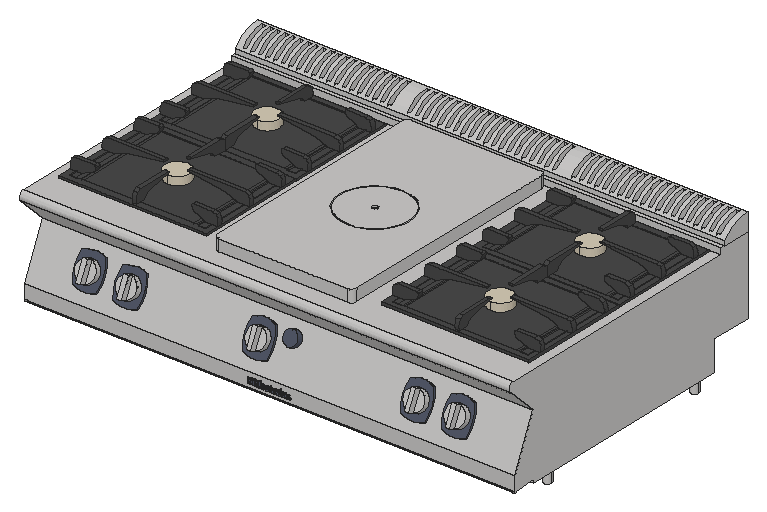
Revit family "QF_ELECTROLUXPROFESSIONAL_371012_E7STGL5000", category Specialty Equipment, Revit 2018 (continued)
Automatic sketch dimensions
  plane 1 "BACK" to curve 77 = 6.761 mm
  plane 1 "BACK" to curve 195 = 6.761 mm
  plane 1 "BACK" to curve 73 = 6.761 mm
  plane 1 "BACK" to curve 199 = 6.761 mm
  plane 1 "BACK" to curve 69 = 6.761 mm
  plane 1 "BACK" to curve 203 = 6.761 mm
  plane 1 "BACK" to curve 65 = 6.761 mm
  plane 1 "BACK" to curve 207 = 6.761 mm
  plane 1 "BACK" to curve 61 = 6.761 mm
  plane 1 "BACK" to curve 211 = 6.761 mm
  plane 1 "BACK" to curve 57 = 6.761 mm
  plane 1 "BACK" to curve 215 = 6.761 mm
  plane 1 "BACK" to curve 53 = 6.761 mm
  plane 1 "BACK" to curve 219 = 6.761 mm
  plane 1 "BACK" to curve 49 = 6.761 mm
  plane 1 "BACK" to curve 223 = 6.761 mm
  plane 1 "BACK" to curve 45 = 6.761 mm
  plane 1 "BACK" to curve 227 = 6.761 mm
  plane 1 "BACK" to curve 41 = 6.761 mm
  plane 1 "BACK" to curve 231 = 6.761 mm
  plane 1 "BACK" to curve 37 = 6.761 mm
  plane 1 "BACK" to curve 235 = 6.761 mm
  plane 1 "BACK" to curve 33 = 6.761 mm
  plane 1 "BACK" to curve 239 = 6.761 mm
  plane 1 "BACK" to curve 29 = 6.761 mm
  plane 1 "BACK" to curve 243 = 6.761 mm
  plane 1 "BACK" to curve 25 = 6.761 mm
  plane 1 "BACK" to curve 247 = 6.761 mm
  plane 1 "BACK" to curve 21 = 6.761 mm
  plane 1 "BACK" to curve 251 = 6.761 mm
  plane 1 "BACK" to curve 17 = 6.761 mm
  plane 1 "BACK" to curve 255 = 6.761 mm
  plane 1 "BACK" to curve 13 = 6.761 mm
  plane 1 "BACK" to curve 259 = 6.761 mm
  plane 1 "BACK" to curve 9 = 6.761 mm
  plane 1 "BACK" to curve 263 = 6.761 mm
  curve 89 to plane 1 "BACK" = 150 mm
  curve 87 to plane 5 "FRONT" = 14.751 mm
  curve 5 to curve 245 = 12.289 mm
  curve 5 to curve 6 = 6.35 mm
  radius of Extrusion 4 sketch curve = 6.5 mm
  radius of Extrusion 8 sketch curve = 82.55 mm
  radius of Extrusion 8 sketch curve = 7 mm
  radius of Extrusion 3 sketch curve = 9.5 mm  (x4)
  radius of Extrusion 11 sketch curve = 25.4 mm
  radius of Extrusion 12 sketch curve to Extrusion 11 = 0 mm  (x2)
  radius of Extrusion 14 sketch curve = 25.4 mm
  radius of Extrusion 15 sketch curve to Extrusion 14 = 0 mm  (x2)
  radius of Extrusion 17 sketch curve = 25.4 mm
  radius of Extrusion 18 sketch curve to Extrusion 17 = 0 mm  (x2)
  radius of Extrusion 19 sketch curve = 17.78 mm
  radius of Extrusion 21 sketch curve = 25.4 mm
  radius of Extrusion 22 sketch curve to Extrusion 21 = 0 mm  (x2)
  radius of Extrusion 24 sketch curve = 25.4 mm
  radius of Extrusion 25 sketch curve to Extrusion 24 = 0 mm  (x2)
Nested families
  nested 1: "371012_BURNER" at (22.205, -365, 49.175), type "371012_BURNER"
  nested 2: "371012_BURNER" at (22.205, -364.695, 49.175), type "371012_BURNER"
  nested 3: "371012_BURNER" at (1177.795, -365, 49.175) x (-1, 0, 0) z (0, 0, 1), type "371012_BURNER"
  nested 4: "371012_BURNER" at (1177.795, -364.695, 49.175) x (-1, 0, 0) z (0, 0, 1), type "371012_BURNER"
  nested 5: "ELX_Logo_S" at (600, -715.249, 674.761) x (1, 0, 0) z (0, -1, 0), visible <- "Show Logo", type "ELX_Logo_S"
Connectors
  piping at (1148, -76.012, 687), diameter 12.7, driven by "Gas Size"
    settings: on Extrusion 4, index 2, connector inside diameter 0.50394", connector length 0 mm, flow factor 0, pipe flow 0 GPM, pressure drop 0.00 psi, fitting loss kfactor 0, connector angle 0.00°, fixture units 0, engagement length 0 mm, angle of deflection 0.00°, flow configuration 1, flow direction 1, fitting loss method 0, system type 7, joint type 0, gender type 0, connector reference index -1, connector utility 0, adjustable connector no, is connector primary yes, connector description "Gas Connection"
Definition of nested family "371012_BURNER"
  Parameters
    Model = ""
    Manufacturer = ""
  Reference planes
    plane 1 "BACK": y = 0
    plane 2: z = 0
    plane 3 "LEFT": x = 0
    plane 4 "RIGHT": x = 365
    plane 5 "FRONT": y = -275
    plane 6 "TOP": z = 1362.406
    plane 7 "Center Y": x = 182.5
    plane 8 "Center X": y = -137.5
  Forms (mm)
    Extrusion 1, solid
      sketch origin (-5, -366.911, 5) x (1, 0, 0) y (0, 0, -1)
        loop
          arc (7.142, -850.85) -> (6.739, -862.989) -> (9.761, -874.752) r 42.809
          line (9.761, -874.752) -> (19.961, -879.425) -> (157.339, -879.425)
          arc (157.339, -879.425) -> (158.533, -878.312) -> (157.506, -877.043) r 1.197
          line (157.506, -877.043) -> (64.848, -864.021)
          arc (64.848, -864.021) -> (50.111, -858.738) -> (36.589, -850.85) r 85.245
          line (36.589, -850.85) -> (7.142, -850.85)
        loop
          line (367.858, -850.85) -> (338.411, -850.85)
          arc (338.411, -850.85) -> (324.889, -858.738) -> (310.152, -864.021) r 85.245
          line (310.152, -864.021) -> (217.494, -877.043)
          arc (217.494, -877.043) -> (216.467, -878.312) -> (217.661, -879.425) r 1.197
          line (217.661, -879.425) -> (355.039, -879.425) -> (365.239, -874.752)
          arc (365.239, -874.752) -> (368.261, -862.989) -> (367.858, -850.85) r 42.809
      from 224.564 to 234.564
    Extrusion 2, solid
      sketch origin (-5, -366.911, 5) x (1, 0, 0) y (0, 0, -1)
        loop
          arc (7.056, -850.85) -> (6.705, -862.948) -> (9.748, -874.663) r 42.876
          line (9.748, -874.663) -> (19.961, -879.425) -> (65.851, -879.425)
          arc (65.851, -879.425) -> (68.577, -878.352) -> (69.841, -875.709) r 4
          arc (69.841, -875.709) -> (68.75, -869.25) -> (64.816, -864.012) r 13.87
          arc (64.816, -864.012) -> (50.096, -858.731) -> (36.589, -850.85) r 85.245
          line (36.589, -850.85) -> (7.056, -850.85)
        loop
          line (367.944, -850.85) -> (338.411, -850.85)
          arc (338.411, -850.85) -> (324.904, -858.731) -> (310.184, -864.012) r 85.245
          arc (310.184, -864.012) -> (306.25, -869.25) -> (305.159, -875.709) r 13.87
          arc (305.159, -875.709) -> (306.423, -878.352) -> (309.149, -879.425) r 4
          line (309.149, -879.425) -> (355.039, -879.425) -> (365.252, -874.663)
          arc (365.252, -874.663) -> (368.295, -862.948) -> (367.944, -850.85) r 42.876
      from 127.064 to 137.064
    Extrusion 3, solid
      sketch origin (-5, 92.216, 5) x (1, 0, 0) y (0, 0, 1)
        loop
          arc (64.816, 864.012) -> (68.75, 869.25) -> (69.841, 875.709) r 13.87
          arc (69.841, 875.709) -> (68.577, 878.352) -> (65.851, 879.425) r 4
          line (65.851, 879.425) -> (19.961, 879.425) -> (9.748, 874.663)
          arc (9.748, 874.663) -> (6.705, 862.948) -> (7.056, 850.85) r 42.876
          line (7.056, 850.85) -> (36.589, 850.85)
          arc (36.589, 850.85) -> (50.096, 858.731) -> (64.816, 864.012) r 85.245
        loop
          arc (310.184, 864.012) -> (324.904, 858.731) -> (338.411, 850.85) r 85.245
          line (338.411, 850.85) -> (367.944, 850.85)
          arc (367.944, 850.85) -> (368.295, 862.948) -> (365.252, 874.663) r 42.876
          line (365.252, 874.663) -> (355.039, 879.425) -> (309.149, 879.425)
          arc (309.149, 879.425) -> (306.423, 878.352) -> (305.159, 875.709) r 4
          arc (305.159, 875.709) -> (306.25, 869.25) -> (310.184, 864.012) r 13.87
      from 127.064 to 137.064
    Extrusion 4, solid
      sketch origin (449.964, 337.736, 5) x (0, -1, 0) y (0, 0, 1)
        loop
          arc (366.649, 850.85) -> (375.927, 861.743) -> (389.337, 866.736) r 28.426
          line (389.337, 866.736) -> (441.256, 877.043)
          arc (441.256, 877.043) -> (442.283, 878.312) -> (441.089, 879.425) r 1.197
          line (441.089, 879.425) -> (347.797, 879.425)
          arc (347.797, 879.425) -> (343.211, 875.934) -> (337.583, 874.694) r 13.39
          line (337.583, 874.694) -> (337.583, 850.85) -> (366.649, 850.85)
        loop
          arc (606.236, 850.85) -> (606.587, 862.948) -> (603.543, 874.663) r 42.876
          line (603.543, 874.663) -> (593.33, 879.425) -> (509.077, 879.425)
          arc (509.077, 879.425) -> (507.883, 878.312) -> (508.911, 877.043) r 1.197
          line (508.911, 877.043) -> (560.83, 866.736)
          arc (560.83, 866.736) -> (574.239, 861.743) -> (583.518, 850.85) r 28.426
          line (583.518, 850.85) -> (606.236, 850.85)
      from 262.464 to 272.464
    Extrusion 5, solid
      sketch origin (-5, 367.216, 850.85) x (0, -1, 0) y (1, 0, 0)
        loop
          line (642.216, 6.433) -> (642.216, 368.567) -> (367.857, 368.567) -> (367.857, 6.433) -> (642.216, 6.433)
        loop
          line (382.857, 21.433) -> (627.216, 21.433) -> (627.216, 353.567) -> (382.857, 353.567) -> (382.857, 21.433)
      from 0 to 5
    Extrusion 6, solid
      sketch origin (-17.5, 367.216, 855.85) x (0, -1, 0) y (1, 0, 0)
        loop
          circle (504.356, 200) r 30
      from -1.321 to 17.134
    Extrusion 7, solid
      sketch origin (-5, -366.911, 0) x (1, 0, 0) y (0, 0, -1)
        loop
          line (21.433, -855.85) -> (36.589, -855.85)
          arc (36.589, -855.85) -> (40.561, -855.243) -> (44.305, -853.783) r 18.259
          arc (44.305, -853.783) -> (45.997, -853.366) -> (47.69, -853.783) r 3.649
          arc (47.69, -853.783) -> (49.901, -854.522) -> (52.232, -854.529) r 7.328
          line (52.232, -854.529) -> (322.768, -854.529)
          arc (322.768, -854.529) -> (325.099, -854.522) -> (327.31, -853.783) r 7.328
          arc (327.31, -853.783) -> (329.003, -853.366) -> (330.695, -853.783) r 3.649
          arc (330.695, -853.783) -> (334.439, -855.243) -> (338.411, -855.85) r 18.259
          line (338.411, -855.85) -> (353.567, -855.85) -> (353.567, -850.85) -> (21.433, -850.85) -> (21.433, -855.85)
      from 106.911 to 351.27
  Lines and regions (mm)
    symbolic lines
      curve 1: line (1.433, -275, 150) -> (363.567, -275, 150)
      curve 2: line (1.433, -0.641, 150) -> (1.433, -275, 150)
      curve 3: line (363.567, -0.641, 150) -> (187.5, -0.641, 150)
      curve 4: line (363.567, -275, 150) -> (363.567, -0.641, 150)
      curve 5: line (348.567, -15.641, 150) -> (187.5, -15.641, 150)
      curve 6: line (348.567, -260, 150) -> (348.567, -239.848, 150)
      curve 7: line (16.433, -260, 150) -> (177.5, -260, 150)
      curve 8: line (16.433, -15.641, 150) -> (16.433, -34.848, 150)
      curve 9: line (47.232, -260, 150) -> (47.232, -239.848, 150)
      curve 10: line (317.567, -15.641, 150) -> (317.567, -34.848, 150)
      curve 11: line (143.125, -132.348, 150) -> (143.125, -15.641, 150)
      curve 12: line (149.375, -15.641, 150) -> (149.375, -132.348, 150)
      curve 13: arc (143.297, -142.348, 150) -> (154.191, -166.038, 150) -> (177.5, -177.726, 150) r 39.375
      curve 14: arc (215.42, -142.348, 150) -> (206.39, -161.616, 150) -> (187.5, -171.415, 150) r 33.125
      curve 15: line (215.625, -15.641, 150) -> (215.625, -132.348, 150)
      curve 16: line (221.875, -132.348, 150) -> (221.875, -15.641, 150)
      curve 17: line (187.5, -269.123, 150) -> (187.5, -168.403, 150)
      curve 18: arc (177.657, -107.534, 150) -> (161.195, -116.02, 150) -> (152.853, -132.555, 150) r 30
      curve 19: arc (187.224, -166.766, 150) -> (203.621, -158.445, 150) -> (212.084, -142.121, 150) r 30
      curve 20: line (363.567, -229.848, 150) -> (300.159, -229.848, 150)
      curve 21: line (1.433, -239.848, 150) -> (64.841, -239.848, 150)
      curve 22: line (1.433, -142.348, 150) -> (151.429, -142.348, 150)
      curve 23: line (363.567, -132.348, 150) -> (213.571, -132.348, 150)
      curve 24: line (1.433, -44.848, 150) -> (64.841, -44.848, 150)
      curve 25: line (363.567, -34.848, 150) -> (300.159, -34.848, 150)
      curve 26: line (64.841, -229.848, 150) -> (1.433, -229.848, 150)
      curve 27: line (300.159, -239.848, 150) -> (363.567, -239.848, 150)
      curve 28: line (64.841, -34.848, 150) -> (1.433, -34.848, 150)
      curve 29: line (300.159, -44.848, 150) -> (363.567, -44.848, 150)
      curve 30: arc (64.841, -229.848, 150) -> (69.841, -234.848, 150) -> (64.841, -239.848, 150) r 5
      curve 31: arc (300.159, -239.848, 150) -> (295.159, -234.848, 150) -> (300.159, -229.848, 150) r 5
      curve 32: arc (64.841, -34.848, 150) -> (69.841, -39.848, 150) -> (64.841, -44.848, 150) r 5
      curve 33: arc (300.159, -44.848, 150) -> (295.159, -39.848, 150) -> (300.159, -34.848, 150) r 5
      curve 34: line (16.433, -44.848, 150) -> (16.433, -132.348, 150)
      curve 35: line (47.232, -34.848, 150) -> (47.232, -15.641, 150)
      curve 36: line (16.433, -142.348, 150) -> (16.433, -229.848, 150)
      curve 37: line (47.232, -132.348, 150) -> (47.232, -44.848, 150)
      curve 38: line (47.232, -229.848, 150) -> (47.232, -142.348, 150)
      curve 39: line (16.433, -239.848, 150) -> (16.433, -260, 150)
      curve 40: line (317.567, -239.848, 150) -> (317.567, -260, 150)
      curve 41: line (348.567, -229.848, 150) -> (348.567, -142.348, 150)
      curve 42: line (317.567, -142.348, 150) -> (317.567, -229.848, 150)
      curve 43: line (348.567, -132.348, 150) -> (348.567, -44.848, 150)
      curve 44: line (348.567, -34.848, 150) -> (348.567, -15.641, 150)
      curve 45: line (317.567, -44.848, 150) -> (317.567, -132.348, 150)
      curve 46: line (151.429, -132.348, 150) -> (1.433, -132.348, 150)
      curve 47: line (213.571, -142.348, 150) -> (363.567, -142.348, 150)
      curve 48: arc (213.571, -132.348, 150) -> (208.571, -137.348, 150) -> (213.571, -142.348, 150) r 5
      curve 49: arc (151.429, -132.348, 150) -> (156.429, -137.348, 150) -> (151.429, -142.348, 150) r 5
      curve 50: arc (152.916, -142.121, 150) -> (161.379, -158.445, 150) -> (177.776, -166.766, 150) r 30
      curve 51: arc (212.147, -132.555, 150) -> (203.805, -116.02, 150) -> (187.343, -107.534, 150) r 30
      curve 52: line (177.5, -168.403, 150) -> (177.5, -269.123, 150)
      curve 53: line (187.5, -106.292, 150) -> (187.5, 0.152, 150)
      curve 54: arc (187.5, -168.403, 150) -> (182.5, -163.403, 150) -> (177.5, -168.403, 150) r 5
      curve 55: arc (187.5, -106.292, 150) -> (182.5, -111.292, 150) -> (177.5, -106.292, 150) r 5
      curve 56: line (177.5, -0.641, 150) -> (1.433, -0.641, 150)
      curve 57: line (177.5, -15.641, 150) -> (16.433, -15.641, 150)
      curve 58: arc (187.5, -37.355, 150) -> (191.398, -49.855, 150) -> (187.5, -62.355, 150) r 21.993
      curve 59: arc (191.181, -52.932, 150) -> (194.482, -49.855, 150) -> (191.181, -46.779, 150) r 3.084
      curve 60: arc (177.5, -37.355, 150) -> (173.602, -49.855, 150) -> (177.5, -62.355, 150) r 21.993
      curve 61: arc (173.819, -52.932, 150) -> (170.518, -49.855, 150) -> (173.819, -46.779, 150) r 3.084
      curve 62: line (177.5, 0.152, 150) -> (177.5, -106.292, 150)
      curve 63: arc (177.5, -171.415, 150) -> (158.61, -161.616, 150) -> (149.58, -142.348, 150) r 33.125
      curve 64: arc (187.5, -177.726, 150) -> (210.809, -166.038, 150) -> (221.703, -142.348, 150) r 39.375
      curve 65: line (177.5, -269.123, 150) -> (187.5, -269.123, 150)
      curve 66: line (177.5, -10.061, 150) -> (187.5, -10.061, 150)
      curve 67: line (177.5, 0.152, 150) -> (187.5, 0.152, 150)
      curve 68: line (187.5, -260, 150) -> (348.567, -260, 150)
  Dimensions and locks
    equal spacing: plane 3 "LEFT", plane 7 "Center Y", plane 4 "RIGHT"
    plane 3 "LEFT" to plane 4 "RIGHT" = 365 mm
    equal spacing: plane 5 "FRONT", plane 8 "Center X", plane 1 "BACK"
    plane 5 "FRONT" to plane 1 "BACK" = 275 mm
    aligned and locked: level to plane 2
  Automatic sketch dimensions
    plane 3 "LEFT" to Extrusion 1 sketch curve = 2.142 mm
    plane 3 "LEFT" to Extrusion 1 sketch curve = 4.761 mm
    Extrusion 1 sketch curve to Extrusion 1 sketch curve = 10.201 mm
    Extrusion 1 sketch curve to Extrusion 1 sketch curve = 29.447 mm
    Extrusion 1 sketch curve to Extrusion 1 sketch curve = 12.704 mm  (x2)
    Extrusion 1 sketch curve to Extrusion 1 sketch curve = 15.555 mm  (x2)
    plane 3 "LEFT" to Extrusion 1 sketch curve = 81.122 mm
    Extrusion 1 sketch curve to plane 7 "Center Y" = 30.161 mm
    Extrusion 1 sketch curve to Extrusion 1 sketch curve = 0.167 mm  (x2)
    plane 7 "Center Y" to Extrusion 1 sketch curve = 29.994 mm
    Extrusion 1 sketch curve to plane 4 "RIGHT" = 81.122 mm
    Extrusion 1 sketch curve to plane 4 "RIGHT" = 59.848 mm
    Extrusion 1 sketch curve to plane 4 "RIGHT" = 14.961 mm
    Extrusion 1 sketch curve to plane 4 "RIGHT" = 4.761 mm
    Extrusion 1 sketch curve to plane 4 "RIGHT" = 2.142 mm
    Extrusion 1 sketch curve to plane 6 "TOP" = 477.981 mm
    Extrusion 1 sketch curve to Extrusion 1 sketch curve = 0 mm
    Extrusion 1 sketch curve to Extrusion 1 sketch curve = 1.197 mm  (x2)
    Extrusion 1 sketch curve to Extrusion 1 sketch curve = 4.673 mm  (x2)
    Extrusion 1 sketch curve to Extrusion 1 sketch curve = 15.404 mm  (x2)
    Extrusion 1 sketch curve to Extrusion 1 sketch curve = 5.694 mm  (x2)
    plane 3 "LEFT" to Extrusion 2 sketch curve = 2.056 mm
    plane 3 "LEFT" to Extrusion 2 sketch curve = 4.748 mm
    Extrusion 2 sketch curve to Extrusion 2 sketch curve = 10.213 mm
    Extrusion 2 sketch curve to Extrusion 2 sketch curve = 29.533 mm
    Extrusion 2 sketch curve to Extrusion 2 sketch curve = 12.72 mm  (x2)
    Extrusion 2 sketch curve to Extrusion 2 sketch curve = 6.697 mm
    Extrusion 2 sketch curve to Extrusion 2 sketch curve = 8.81 mm
    Extrusion 2 sketch curve to Extrusion 2 sketch curve = 9.845 mm  (x2)
    Extrusion 2 sketch curve to Extrusion 2 sketch curve = 3.99 mm  (x2)
    Extrusion 2 sketch curve to Extrusion 2 sketch curve = 0 mm  (x3)
    plane 3 "LEFT" to Extrusion 2 sketch curve = 81.122 mm
    Extrusion 2 sketch curve to plane 4 "RIGHT" = 81.122 mm
    Extrusion 2 sketch curve to plane 4 "RIGHT" = 64.841 mm
    Extrusion 2 sketch curve to Extrusion 2 sketch curve = 1.035 mm
    Extrusion 2 sketch curve to Extrusion 2 sketch curve = 15.507 mm
    Extrusion 2 sketch curve to plane 4 "RIGHT" = 14.961 mm
    Extrusion 2 sketch curve to plane 4 "RIGHT" = 4.748 mm
    Extrusion 2 sketch curve to plane 4 "RIGHT" = 2.056 mm
    Extrusion 2 sketch curve to plane 6 "TOP" = 477.981 mm
    Extrusion 2 sketch curve to Extrusion 2 sketch curve = 3.716 mm  (x2)
    Extrusion 2 sketch curve to Extrusion 2 sketch curve = 4.763 mm  (x2)
    Extrusion 2 sketch curve to Extrusion 2 sketch curve = 5.881 mm  (x2)
    plane 3 "LEFT" to Extrusion 3 sketch curve = 2.056 mm
    plane 3 "LEFT" to Extrusion 3 sketch curve = 4.748 mm
    Extrusion 3 sketch curve to Extrusion 3 sketch curve = 10.213 mm
    Extrusion 3 sketch curve to Extrusion 3 sketch curve = 29.533 mm
    Extrusion 3 sketch curve to Extrusion 3 sketch curve = 12.72 mm  (x2)
    Extrusion 3 sketch curve to Extrusion 3 sketch curve = 6.697 mm
    Extrusion 3 sketch curve to Extrusion 3 sketch curve = 8.81 mm
    Extrusion 3 sketch curve to Extrusion 3 sketch curve = 9.845 mm  (x2)
    Extrusion 3 sketch curve to Extrusion 3 sketch curve = 3.99 mm  (x2)
    Extrusion 3 sketch curve to Extrusion 3 sketch curve = 0 mm  (x3)
    plane 3 "LEFT" to Extrusion 3 sketch curve = 81.122 mm
    Extrusion 3 sketch curve to plane 4 "RIGHT" = 81.122 mm
    Extrusion 3 sketch curve to plane 4 "RIGHT" = 64.841 mm
    Extrusion 3 sketch curve to Extrusion 3 sketch curve = 1.035 mm
    Extrusion 3 sketch curve to Extrusion 3 sketch curve = 15.507 mm
    Extrusion 3 sketch curve to plane 4 "RIGHT" = 14.961 mm
    Extrusion 3 sketch curve to plane 4 "RIGHT" = 4.748 mm
    Extrusion 3 sketch curve to plane 4 "RIGHT" = 2.056 mm
    Extrusion 3 sketch curve to plane 6 "TOP" = 575.932 mm
    Extrusion 3 sketch curve to Extrusion 3 sketch curve = 69.377 mm  (x2)
    Extrusion 3 sketch curve to Extrusion 3 sketch curve = 7.281 mm  (x2)
    Extrusion 3 sketch curve to Extrusion 3 sketch curve = 10.713 mm  (x2)
    Extrusion 4 sketch curve to plane 1 "BACK" = 0.152 mm
    plane 1 "BACK" to Extrusion 4 sketch curve = 10.061 mm
    plane 1 "BACK" to Extrusion 4 sketch curve = 28.913 mm
    Extrusion 4 sketch curve to Extrusion 4 sketch curve = 22.688 mm
    Extrusion 4 sketch curve to Extrusion 4 sketch curve = 25.583 mm
    plane 8 "Center X" to Extrusion 4 sketch curve = 34.146 mm
    Extrusion 4 sketch curve to Extrusion 4 sketch curve = 0.167 mm  (x2)
    Extrusion 4 sketch curve to plane 8 "Center X" = 33.675 mm
    Extrusion 4 sketch curve to plane 5 "FRONT" = 54.801 mm
    Extrusion 4 sketch curve to Extrusion 4 sketch curve = 2.895 mm
    Extrusion 4 sketch curve to Extrusion 4 sketch curve = 3.153 mm
    Extrusion 4 sketch curve to Extrusion 4 sketch curve = 19.535 mm
    Extrusion 4 sketch curve to plane 5 "FRONT" = 19.405 mm
    Extrusion 4 sketch curve to plane 5 "FRONT" = 9.192 mm
    Extrusion 4 sketch curve to plane 5 "FRONT" = 6.5 mm
    Extrusion 4 sketch curve to plane 6 "TOP" = 518.947 mm
    Extrusion 4 sketch curve to Extrusion 4 sketch curve = 0 mm
    Extrusion 4 sketch curve to Extrusion 4 sketch curve = 12.392 mm  (x2)
    Extrusion 4 sketch curve to Extrusion 4 sketch curve = 8.605 mm
    Extrusion 4 sketch curve to Extrusion 4 sketch curve = 23.844 mm
    Extrusion 4 sketch curve to Extrusion 4 sketch curve = 10.307 mm  (x2)
    Extrusion 4 sketch curve to Extrusion 4 sketch curve = 1.185 mm  (x2)
    plane 5 "FRONT" to Extrusion 5 sketch curve = 0 mm
    Extrusion 5 sketch curve to plane 5 "FRONT" = 15 mm
    plane 1 "BACK" to Extrusion 5 sketch curve = 15.641 mm
    plane 1 "BACK" to Extrusion 5 sketch curve = 0.641 mm
    plane 3 "LEFT" to Extrusion 5 sketch curve = 1.433 mm
    plane 3 "LEFT" to Extrusion 5 sketch curve = 16.433 mm
    Extrusion 5 sketch curve to plane 4 "RIGHT" = 16.433 mm
    Extrusion 5 sketch curve to plane 4 "RIGHT" = 1.433 mm
    Extrusion 5 to Extrusion 6 sketch curve = 121.499 mm
    Extrusion 5 to Extrusion 6 sketch curve = 166.067 mm
    plane 3 "LEFT" to Extrusion 7 sketch curve = 16.433 mm
    Extrusion 7 sketch curve to Extrusion 7 sketch curve = 14.402 mm
    Extrusion 7 sketch curve to Extrusion 7 sketch curve = 15.156 mm  (x2)
    Extrusion 7 sketch curve to Extrusion 7 sketch curve = 7.716 mm  (x2)
    Extrusion 7 sketch curve to Extrusion 7 sketch curve = 0 mm  (x5)
    Extrusion 7 sketch curve to Extrusion 7 sketch curve = 1.692 mm  (x2)
    Extrusion 7 sketch curve to Extrusion 7 sketch curve = 3.385 mm  (x2)
    Extrusion 7 sketch curve to Extrusion 7 sketch curve = 3.399 mm
    Extrusion 7 sketch curve to Extrusion 7 sketch curve = 4.542 mm  (x2)
    Extrusion 7 sketch curve to plane 4 "RIGHT" = 47.232 mm
    Extrusion 7 sketch curve to Extrusion 7 sketch curve = 1.143 mm
    Extrusion 7 sketch curve to Extrusion 7 sketch curve = 15.253 mm
    Extrusion 7 sketch curve to plane 6 "TOP" = 505.39 mm
    Extrusion 7 sketch curve to Extrusion 7 sketch curve = 1.165 mm
    Extrusion 7 sketch curve to Extrusion 7 sketch curve = 5 mm
    curve 13 to curve 14 = 0 mm  (x2)
    curve 13 to curve 63 = 0 mm  (x2)
    curve 13 to curve 64 = 0 mm  (x2)
    curve 18 to curve 19 = 0 mm  (x2)
    curve 18 to curve 50 = 0 mm  (x2)
    curve 18 to curve 51 = 0 mm  (x2)
    plane 5 "FRONT" to curve 1 = 0 mm
    curve 51 to plane 7 "Center Y" = 0 mm
    curve 63 to plane 7 "Center Y" = 0 mm
    curve 54 to plane 7 "Center Y" = 0 mm
    curve 55 to plane 7 "Center Y" = 0 mm
    plane 7 "Center Y" to curve 19 = 4.724 mm
    plane 7 "Center Y" to curve 51 = 4.843 mm
    curve 53 to plane 1 "BACK" = 0.152 mm
    plane 7 "Center Y" to curve 53 = 5 mm
    plane 7 "Center Y" to curve 64 = 5 mm
    curve 3 to curve 53 = 0 mm
    plane 7 "Center Y" to curve 59 = 8.681 mm
    curve 59 to curve 59 = 0 mm
    curve 59 to curve 59 = 0.216 mm
    curve 60 to curve 59 = 4.198 mm
    curve 19 to plane 8 "Center X" = 4.621 mm
    plane 7 "Center Y" to curve 19 = 29.584 mm
    curve 51 to curve 19 = 0.064 mm
    curve 23 to curve 51 = 1.424 mm
    curve 14 to curve 47 = 1.849 mm
    curve 15 to curve 48 = 2.054 mm
    curve 64 to curve 14 = 6.283 mm
    curve 16 to curve 15 = 6.25 mm
    curve 31 to plane 5 "FRONT" = 35.152 mm
    curve 31 to plane 4 "RIGHT" = 64.841 mm
    plane 1 "BACK" to curve 33 = 34.848 mm
    curve 33 to plane 4 "RIGHT" = 64.841 mm
    curve 10 to curve 33 = 17.408 mm
    curve 42 to plane 4 "RIGHT" = 47.433 mm
    curve 45 to curve 10 = 0 mm
    curve 40 to curve 42 = 0 mm
    curve 68 to plane 4 "RIGHT" = 16.433 mm
    curve 41 to curve 6 = 0 mm
    curve 5 to plane 4 "RIGHT" = 16.433 mm
    curve 43 to curve 41 = 0 mm
    curve 27 to plane 4 "RIGHT" = 1.433 mm
    curve 50 to curve 52 = 0.276 mm
    curve 18 to curve 55 = 0.157 mm
    curve 61 to plane 7 "Center Y" = 8.681 mm
    curve 61 to curve 61 = 0 mm
    curve 61 to curve 61 = 0.216 mm
    curve 61 to curve 58 = 4.198 mm
    curve 50 to plane 8 "Center X" = 4.621 mm
    plane 8 "Center X" to curve 18 = 4.945 mm
    curve 50 to curve 18 = 0.064 mm
    curve 18 to curve 49 = 1.424 mm
    curve 22 to curve 63 = 1.849 mm
    curve 57 to curve 12 = 28.125 mm
    curve 63 to curve 13 = 6.283 mm
    curve 12 to curve 11 = 6.25 mm
    plane 3 "LEFT" to curve 24 = 64.841 mm
    curve 21 to plane 5 "FRONT" = 35.152 mm
    plane 3 "LEFT" to curve 21 = 64.841 mm
    curve 28 to curve 35 = 17.609 mm
    plane 3 "LEFT" to curve 37 = 47.232 mm
    curve 38 to curve 37 = 0 mm
    curve 9 to curve 38 = 0 mm
    plane 3 "LEFT" to curve 34 = 16.433 mm
    plane 3 "LEFT" to curve 57 = 16.433 mm
    curve 36 to curve 34 = 0 mm
    curve 39 to curve 36 = 0 mm
    plane 1 "BACK" to curve 56 = 0.641 mm
    plane 3 "LEFT" to curve 56 = 1.433 mm
    plane 1 "BACK" to curve 4 = 0.641 mm
    curve 56 to curve 66 = 9.419 mm
    curve 66 to curve 5 = 5.581 mm
    plane 1 "BACK" to curve 8 = 15.641 mm
    curve 8 to curve 28 = 19.206 mm
    curve 57 to curve 60 = 21.714 mm
    curve 60 to curve 58 = 0 mm
    curve 33 to curve 33 = 5 mm
    curve 28 to curve 32 = 5 mm
    curve 60 to curve 61 = 9.423 mm
    curve 59 to curve 60 = 3.077 mm
    plane 8 "Center X" to curve 55 = 31.208 mm
    curve 13 to plane 8 "Center X" = 1.17 mm
    curve 38 to curve 9 = 10 mm
    curve 31 to curve 31 = 10 mm
    curve 7 to plane 5 "FRONT" = 15 mm
    curve 68 to plane 5 "FRONT" = 15 mm
    curve 65 to plane 5 "FRONT" = 5.877 mm
    radius of Extrusion 6 sketch curve = 30 mm
Definition of nested family "ELX_Logo_S"
  Parameters
    Default Elevation = 0 mm
  Reference planes
    plane 1 "Centro (Fronte/Retro)": y = 0
    plane 2: z = 0
    plane 3 "Centro (Sinistra/Destra)": x = 0
  Forms (mm)
    Extrusion 1, solid
      sketch origin (0, 0, 0) x (1, 0, 0) y (0, 1, 0)
        loop
          line (-1219.2, 1219.2) -> (-1219.2, -1219.2) -> (1219.2, -1219.2) -> (1219.2, 1219.2) -> (-1219.2, 1219.2)
      from 0 to -304.8
    Extrusion 2, solid
      sketch origin (0, 0, 0) x (1, 0, 0) y (0, 1, 0)
        loop
          line (-43.793, 5.912) -> (-43.793, -6.455)
          arc (-43.793, -6.455) -> (-39.222, -0.272) -> (-43.793, 5.912) r 6.467
        loop
          arc (-44.422, 5.912) -> (-49.565, 4.743) -> (-52.043, 0.087) r 6.338
          line (-52.043, 0.087) -> (-49.997, 0.087)
          arc (-49.997, 0.087) -> (-46.342, 1.57) -> (-44.422, 5.016) r 5.941
          line (-44.422, 5.016) -> (-44.422, 5.912)
        loop
          arc (-44.422, -5.559) -> (-46.342, -2.114) -> (-49.997, -0.63) r 5.941
          line (-49.997, -0.63) -> (-52.043, -0.63)
          arc (-52.043, -0.63) -> (-49.569, -5.324) -> (-44.422, -6.614) r 6.504
          line (-44.422, -6.614) -> (-44.422, -5.559)
        loop
          line (-52.512, 6.586) -> (-52.512, -7.158) -> (-38.749, -7.158) -> (-38.749, 6.586) -> (-52.512, 6.586)
        loop
          arc (-35.782, 6.67) -> (-36.139, 6.322) -> (-35.801, 5.955) r 0.358
          arc (-35.801, 5.955) -> (-35.051, 5.641) -> (-34.666, 4.924) r 1.216
          line (-34.666, 4.924) -> (-34.666, -5.488)
          arc (-34.666, -5.488) -> (-34.944, -6.148) -> (-35.54, -6.544) r 1.238
          arc (-35.54, -6.544) -> (-35.791, -6.939) -> (-35.437, -7.244) r 0.358
          line (-35.437, -7.244) -> (-25.558, -7.244) -> (-25.558, -4.494) -> (-26.455, -4.494)
          arc (-26.455, -4.494) -> (-27.035, -5.403) -> (-28.012, -5.858) r 1.928
          line (-28.012, -5.858) -> (-30.511, -5.858)
          arc (-30.511, -5.858) -> (-31.24, -5.583) -> (-31.604, -4.894) r 1.101
          line (-31.604, -4.894) -> (-31.604, -0.808) -> (-27.931, -0.808)
          arc (-27.931, -0.808) -> (-27.434, -1.16) -> (-27.206, -1.725) r 1.083
          arc (-27.206, -1.725) -> (-26.9, -1.989) -> (-26.622, -1.697) r 0.292
          line (-26.622, -1.697) -> (-26.622, 1.265)
          arc (-26.622, 1.265) -> (-26.895, 1.568) -> (-27.225, 1.329) r 0.305
          arc (-27.225, 1.329) -> (-27.473, 0.839) -> (-27.931, 0.534) r 1.083
          line (-27.931, 0.534) -> (-31.604, 0.534) -> (-31.604, 5.211) -> (-27.857, 5.211)
          arc (-27.857, 5.211) -> (-27.101, 4.997) -> (-26.603, 4.39) r 1.314
          arc (-26.603, 4.39) -> (-26.199, 4.171) -> (-25.907, 4.526) r 0.361
          line (-25.907, 4.526) -> (-25.907, 6.67) -> (-35.782, 6.67)
        loop
          arc (-25.126, 5.953) -> (-24.207, 5.572) -> (-23.827, 4.654) r 1.299
          line (-23.827, 4.654) -> (-23.827, -4.925)
          arc (-23.827, -4.925) -> (-24.205, -5.763) -> (-25.083, -6.035) r 1.118
          line (-25.083, -6.035) -> (-25.083, -7.244) -> (-19.733, -7.244) -> (-19.733, -6.056)
          arc (-19.733, -6.056) -> (-20.65, -5.784) -> (-21.046, -4.914) r 1.153
          line (-21.046, -4.914) -> (-21.046, 7.158) -> (-25.126, 5.953)
        loop
          line (-17.097, -2.28) -> (-10.65, -2.28) -> (-10.65, -1.481)
          arc (-10.65, -1.481) -> (-11.634, 1.1) -> (-14.088, 2.369) r 3.874
          line (-14.088, 2.369) -> (-15.848, 2.369)
          arc (-15.848, 2.369) -> (-18.713, 1.182) -> (-19.899, -1.682) r 4.051
          line (-19.899, -1.682) -> (-19.899, -3.691)
          arc (-19.899, -3.691) -> (-18.414, -6.509) -> (-15.407, -7.561) r 4.352
          arc (-15.407, -7.561) -> (-12.944, -7.196) -> (-10.87, -5.819) r 5.713
          line (-10.87, -5.819) -> (-10.87, -4.87)
          arc (-10.87, -4.87) -> (-12.439, -5.603) -> (-14.157, -5.819) r 5.579
          arc (-14.157, -5.819) -> (-16.12, -5.025) -> (-17.097, -3.146) r 3.057
          line (-17.097, -3.146) -> (-17.097, -2.28)
        loop
          line (-17.097, -1.02) -> (-13.515, -1.02)
          arc (-13.515, -1.02) -> (-13.468, 0.436) -> (-14.627, 1.319) r 1.59
          line (-14.627, 1.319) -> (-15.457, 1.319)
          arc (-15.457, 1.319) -> (-16.712, 0.455) -> (-17.097, -1.02) r 2.184
        loop
          arc (-1.232, 1.771) -> (-2.906, 2.259) -> (-4.643, 2.417) r 9.023
          line (-4.643, 2.417) -> (-6.005, 2.417)
          arc (-6.005, 2.417) -> (-8.805, 1.257) -> (-9.965, -1.542) r 3.959
          line (-9.965, -1.542) -> (-9.965, -4.142)
          arc (-9.965, -4.142) -> (-8.672, -6.424) -> (-6.299, -7.541) r 4.331
          line (-6.299, -7.541) -> (-4.164, -7.541)
          arc (-4.164, -7.541) -> (-2.614, -7.033) -> (-1.268, -6.112) r 5.772
          arc (-1.268, -6.112) -> (-1.217, -5.35) -> (-1.976, -5.263) r 0.553
          arc (-1.976, -5.263) -> (-2.71, -5.651) -> (-3.529, -5.785) r 2.573
          line (-3.529, -5.785) -> (-5.044, -5.785)
          arc (-5.044, -5.785) -> (-6.686, -4.779) -> (-7.328, -2.965) r 2.884
          line (-7.328, -2.965) -> (-7.328, -1.686)
          arc (-7.328, -1.686) -> (-6.768, 0.135) -> (-5.103, 1.062) r 2.554
          line (-5.103, 1.062) -> (-4.05, 1.062)
          arc (-4.05, 1.062) -> (-3.122, 0.73) -> (-2.387, 0.073) r 2.564
          arc (-2.387, 0.073) -> (-1.67, -0.148) -> (-1.232, 0.461) r 0.643
          line (-1.232, 0.461) -> (-1.232, 1.771)
        loop
          line (-0.962, 0.752) -> (0.539, 0.752) -> (0.539, -5.296)
          arc (0.539, -5.296) -> (1.197, -6.884) -> (2.785, -7.541) r 2.246
          line (2.785, -7.541) -> (4.369, -7.541)
          arc (4.369, -7.541) -> (5.233, -7.228) -> (6.005, -6.727) r 4.06
          arc (6.005, -6.727) -> (6.138, -5.995) -> (5.437, -5.743) r 0.576
          arc (5.437, -5.743) -> (4.911, -5.849) -> (4.379, -5.785) r 1.69
          arc (4.379, -5.785) -> (3.591, -5.244) -> (3.288, -4.337) r 1.506
          line (3.288, -4.337) -> (3.288, 0.801) -> (5.685, 0.801) -> (6.241, 1.357) -> (6.241, 2.179) -> (3.382, 2.179) -> (3.382, 5.41) -> (-0.962, 0.752)
        loop
          line (7.139, -7.324) -> (12.526, -7.324) -> (12.526, -6.214)
          arc (12.526, -6.214) -> (11.575, -5.82) -> (11.181, -4.869) r 1.345
          line (11.181, -4.869) -> (11.181, -1.253)
          arc (11.181, -1.253) -> (11.773, -0.488) -> (12.695, -0.199) r 1.615
          line (12.695, -0.199) -> (14.251, -0.199) -> (14.936, 2.357) -> (13.553, 2.357) -> (10.994, 0.414) -> (10.994, 2.295) -> (8.288, 2.01)
          arc (8.288, 2.01) -> (7.758, 1.571) -> (7.959, 0.912) r 0.621
          arc (7.959, 0.912) -> (8.301, 0.512) -> (8.484, 0.018) r 1.501
          line (8.484, 0.018) -> (8.484, -4.869)
          arc (8.484, -4.869) -> (8.09, -5.82) -> (7.139, -6.214) r 1.345
          line (7.139, -6.214) -> (7.139, -7.324)
        loop
          line (14.473, -1.222) -> (14.473, -3.914)
          arc (14.473, -3.914) -> (15.781, -6.36) -> (18.311, -7.494) r 4.288
          arc (18.311, -7.494) -> (19.692, -7.557) -> (21.072, -7.494) r 15.022
          arc (21.072, -7.494) -> (23.603, -6.36) -> (24.91, -3.914) r 4.288
          line (24.91, -3.914) -> (24.91, -1.222)
          arc (24.91, -1.222) -> (23.603, 1.223) -> (21.072, 2.357) r 4.288
          arc (21.072, 2.357) -> (19.692, 2.421) -> (18.311, 2.357) r 15.022
          arc (18.311, 2.357) -> (15.781, 1.223) -> (14.473, -1.222) r 4.288
        loop
          line (17.587, -1.017) -> (17.587, -4.119)
          arc (17.587, -4.119) -> (19.744, -6.276) -> (21.901, -4.119) r 2.157
          line (21.901, -4.119) -> (21.901, -1.017)
          arc (21.901, -1.017) -> (19.744, 1.14) -> (17.587, -1.017) r 2.157
        loop
          arc (24.768, 5.964) -> (25.662, 5.593) -> (26.033, 4.699) r 1.264
          line (26.033, 4.699) -> (26.033, -5.165)
          arc (26.033, -5.165) -> (25.636, -6.035) -> (24.72, -6.307) r 1.153
          line (24.72, -6.307) -> (24.72, -7.244) -> (29.828, -7.244) -> (29.828, -6.316)
          arc (29.828, -6.316) -> (29.056, -5.957) -> (28.741, -5.165) r 1.153
          line (28.741, -5.165) -> (28.741, 7.158) -> (24.768, 5.964)
        loop
          arc (29.365, 1.084) -> (30.43, 0.885) -> (30.912, -0.085) r 1.215
          line (30.912, -0.085) -> (30.912, -5.105)
          arc (30.912, -5.105) -> (31.559, -6.719) -> (33.142, -7.44) r 2.338
          line (33.142, -7.44) -> (34.657, -7.44)
          arc (34.657, -7.44) -> (35.661, -7.266) -> (36.547, -6.763) r 2.979
          line (36.547, -6.763) -> (38.344, -7.244) -> (40.032, -7.244) -> (40.032, 2.181) -> (35.829, 1.887) -> (35.829, 1.101)
          arc (35.829, 1.101) -> (36.665, 0.745) -> (37.174, -0.007) r 1.605
          line (37.174, -0.007) -> (37.174, -5.11)
          arc (37.174, -5.11) -> (36.237, -5.531) -> (35.213, -5.603) r 2.94
          arc (35.213, -5.603) -> (34.112, -5.042) -> (33.669, -3.889) r 1.724
          line (33.669, -3.889) -> (33.669, 2.307) -> (29.365, 1.084)
        loop
          line (40.886, 2.112) -> (42.932, 0.44) -> (45.238, -2.734) -> (42.126, -6.191)
          arc (42.126, -6.191) -> (41.732, -6.428) -> (41.273, -6.405) r 0.789
          line (41.273, -6.405) -> (41.273, -7.244) -> (44.818, -7.244) -> (44.818, -6.418)
          arc (44.818, -6.418) -> (44.456, -6.076) -> (44.548, -5.586) r 0.52
          line (44.548, -5.586) -> (46.019, -3.786) -> (47.394, -5.904)
          arc (47.394, -5.904) -> (47.084, -6.305) -> (46.585, -6.392) r 0.7
          line (46.585, -6.392) -> (46.585, -7.244) -> (52.512, -7.244) -> (52.512, -6.358)
          arc (52.512, -6.358) -> (51.853, -6.291) -> (51.322, -5.896) r 1.247
          line (51.322, -5.896) -> (48.041, -1.696) -> (50.094, 0.751) -> (51.836, 2.112) -> (48.112, 2.112) -> (48.535, 0.627) -> (47.258, -0.895) -> (46.068, 0.806) -> (46.844, 2.112) -> (40.886, 2.112)
      from 0 to 1.644
  Dimensions and locks
    aligned and locked: plane 2 to Extrusion 1
    aligned and locked: level to Extrusion 1
Types (2, lengths in mm): name | URL | Model | Manufacturer | Gas Size | Description
  (no name) | 0 | 0 | 0 | 0" | 0
  QF_ELECTROLUX_371012_E7STGL5000.rfa | "http://professional.electrolux.com" | "E7STGL5000" | "Electrolux" | 1/2" | "2-BURNER+GAS SOLID TOP+2 BURNER 1200 MM"
